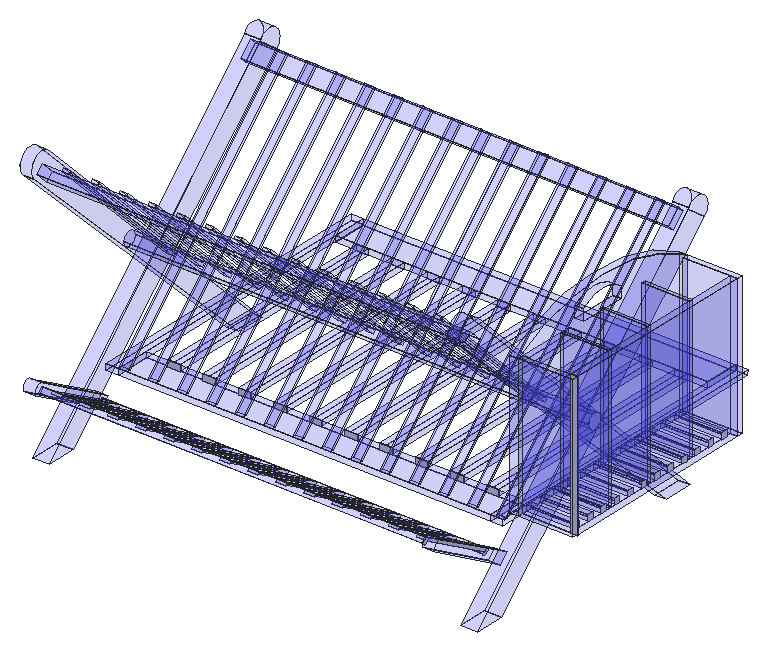
Revit family "component", category Generic Models, Revit 2017
Family settings
  Can host rebar = No
  Round Connector Dimension = Use Diameter
  Part Type = Normal
  Work Plane-Based = No
  Always vertical = Yes
  Cut with Voids When Loaded = No
  Shared = No
  Room Calculation Point = No
Reference planes (in)
  plane 1 "Center (Front/Back)": y = 0
  plane 2: z = 0
  plane 3 "Center (Left/Right)": x = 0
Forms (in)
  Extrusion 1, solid
    sketch origin (0, 0.125, 0) x (0, 1, 0) y (0, 0, 1)
      loop
        line (6.06062, 0) -> (-5.22987, 11.29049)
        arc (-5.22987, 11.29049) -> (-6.01031, 11.29049) -> (-6.01031, 10.51005) r 0.55186
        line (-6.01031, 10.51005) -> (4.77758, 0) -> (6.06062, 0)
    from 0 to 0.5
  Extrusion 2, solid
    sketch origin (0, 0.06062, 0) x (0, -1, 0) y (0, 0, -1)
      loop
        line (6.06062, 0) -> (4.77758, 0) -> (-6, -10.5)
        arc (-6, -10.5) -> (-5.96055, -11.33577) -> (-5.13557, -11.19619) r 0.55901
        line (-5.13557, -11.19619) -> (6.06062, 0)
    from 0.5 to 1.19742
  Extrusion 3, solid
    sketch origin (0, 0.0625, 0.15625) x (0, 1, 0) y (0, 0, 1)
      loop
        circle (0, 5.25327) r 0.3
    from -0.25 to 19.45037
  Extrusion 4, solid
    sketch origin (0, 0, 0) x (0, 1, 0) y (0, 0, 1)
      loop
        line (-3, 2.25) -> (10, 2.25) -> (10, 2.5) -> (-3, 2.5) -> (-3, 2.25)
    from 1.19742 to 1.71638
  Extrusion 5, solid
    sketch origin (0, 0, 0) x (0, 1, 0) y (0, 0, 1)
      loop
        line (-3, 2.25) -> (10, 2.25) -> (10, 2.5) -> (-3, 2.5) -> (-3, 2.25)
    from 17.49386 to 18
  Extrusion 6, solid
    sketch origin (0, 0, 0) x (0, 1, 0) y (0, 0, 1)
      loop
        line (9.99278, 2.25) -> (9.99278, 2.5) -> (8.49278, 2.5) -> (8.49278, 2.25) -> (9.99278, 2.25)
      loop
        line (-1.5, 2.25) -> (-1.5, 2.5) -> (-3, 2.5) -> (-3, 2.25) -> (-1.5, 2.25)
    from 1.71638 to 17.49386
  Extrusion 7, solid
    sketch origin (0, 0, 0) x (0, 1, 0) y (0, 0, 1)
      loop
        line (8.49278, 2.25) -> (8.49278, 2.5) -> (-1.5, 2.5) -> (-1.5, 2.25) -> (8.49278, 2.25)
    from 2.61142 to 3.14223
  Extrusion 8, solid
    sketch origin (13.5, 0, 0) x (0, 1, 0) y (0, 0, 1)
      loop
        line (8.49278, 2.25) -> (8.49278, 2.5) -> (-1.5, 2.5) -> (-1.5, 2.25) -> (8.49278, 2.25)
    from 2.61142 to 3.14223
  Extrusion 9, solid
    sketch origin (1.5, 0, 0) x (0, 1, 0) y (0, 0, 1)
      loop
        line (8.49278, 2.25) -> (8.49278, 2.5) -> (-1.5, 2.5) -> (-1.5, 2.25) -> (8.49278, 2.25)
    from 2.61142 to 3.14223
  Extrusion 10, solid
    sketch origin (3, 0, 0) x (0, 1, 0) y (0, 0, 1)
      loop
        line (8.49278, 2.25) -> (8.49278, 2.5) -> (-1.5, 2.5) -> (-1.5, 2.25) -> (8.49278, 2.25)
    from 2.61142 to 3.14223
  Extrusion 11, solid
    sketch origin (4.5, 0, 0) x (0, 1, 0) y (0, 0, 1)
      loop
        line (8.49278, 2.25) -> (8.49278, 2.5) -> (-1.5, 2.5) -> (-1.5, 2.25) -> (8.49278, 2.25)
    from 2.61142 to 3.14223
  Extrusion 12, solid
    sketch origin (6, 0, 0) x (0, 1, 0) y (0, 0, 1)
      loop
        line (8.49278, 2.25) -> (8.49278, 2.5) -> (-1.5, 2.5) -> (-1.5, 2.25) -> (8.49278, 2.25)
    from 2.61142 to 3.14223
  Extrusion 13, solid
    sketch origin (7.5, 0, 0) x (0, 1, 0) y (0, 0, 1)
      loop
        line (8.49278, 2.25) -> (8.49278, 2.5) -> (-1.5, 2.5) -> (-1.5, 2.25) -> (8.49278, 2.25)
    from 2.61142 to 3.14223
  Extrusion 14, solid
    sketch origin (9, 0, 0) x (0, 1, 0) y (0, 0, 1)
      loop
        line (8.49278, 2.25) -> (8.49278, 2.5) -> (-1.5, 2.5) -> (-1.5, 2.25) -> (8.49278, 2.25)
    from 2.61142 to 3.14223
  Extrusion 15, solid
    sketch origin (10.5, 0, 0) x (0, 1, 0) y (0, 0, 1)
      loop
        line (8.49278, 2.25) -> (8.49278, 2.5) -> (-1.5, 2.5) -> (-1.5, 2.25) -> (8.49278, 2.25)
    from 2.61142 to 3.14223
  Extrusion 16, solid
    sketch origin (12, 0, 0) x (0, 1, 0) y (0, 0, 1)
      loop
        line (8.49278, 2.25) -> (8.49278, 2.5) -> (-1.5, 2.5) -> (-1.5, 2.25) -> (8.49278, 2.25)
    from 2.61142 to 3.14223
  Extrusion 17, solid
    sketch origin (0, 0, 0) x (0, 1, 0) y (0, 0, 1)
      loop
        line (5.78031, 10.59586) -> (5.51957, 10.8566) -> (4.98924, 10.32627) -> (5.24998, 10.06553) -> (5.78031, 10.59586)
      loop
        line (-5.78031, 10.65836) -> (-5.24998, 10.12803) -> (-4.96714, 10.41087) -> (-5.49747, 10.9412) -> (-5.78031, 10.65836)
    from 0.5 to 18.625
  Extrusion 18, solid
    sketch origin (0, 0, 0) x (0, 1, 0) y (0, 0, 1)
      loop
        line (5.51957, 10.8566) -> (5.43808, 10.93808) -> (-3, 2.5) -> (-2.83704, 2.5) -> (5.51957, 10.8566)
    from 1.71638 to 2.10219
  Extrusion 19, solid
    sketch origin (16, 0, 0) x (0, 1, 0) y (0, 0, 1)
      loop
        line (5.51957, 10.8566) -> (5.43808, 10.93808) -> (-3, 2.5) -> (-2.83704, 2.5) -> (5.51957, 10.8566)
    from 1.71638 to 2.10219
  Extrusion 20, solid
    sketch origin (1.23077, 0, 0) x (0, 1, 0) y (0, 0, 1)
      loop
        line (5.51957, 10.8566) -> (5.43808, 10.93808) -> (-3, 2.5) -> (-2.83704, 2.5) -> (5.51957, 10.8566)
    from 1.71638 to 2.10219
  Extrusion 21, solid
    sketch origin (2.46154, 0, 0) x (0, 1, 0) y (0, 0, 1)
      loop
        line (5.51957, 10.8566) -> (5.43808, 10.93808) -> (-3, 2.5) -> (-2.83704, 2.5) -> (5.51957, 10.8566)
    from 1.71638 to 2.10219
  Extrusion 22, solid
    sketch origin (3.69231, 0, 0) x (0, 1, 0) y (0, 0, 1)
      loop
        line (5.51957, 10.8566) -> (5.43808, 10.93808) -> (-3, 2.5) -> (-2.83704, 2.5) -> (5.51957, 10.8566)
    from 1.71638 to 2.10219
  Extrusion 23, solid
    sketch origin (4.92308, 0, 0) x (0, 1, 0) y (0, 0, 1)
      loop
        line (5.51957, 10.8566) -> (5.43808, 10.93808) -> (-3, 2.5) -> (-2.83704, 2.5) -> (5.51957, 10.8566)
    from 1.71638 to 2.10219
  Extrusion 24, solid
    sketch origin (6.15385, 0, 0) x (0, 1, 0) y (0, 0, 1)
      loop
        line (5.51957, 10.8566) -> (5.43808, 10.93808) -> (-3, 2.5) -> (-2.83704, 2.5) -> (5.51957, 10.8566)
    from 1.71638 to 2.10219
  Extrusion 25, solid
    sketch origin (7.38462, 0, 0) x (0, 1, 0) y (0, 0, 1)
      loop
        line (5.51957, 10.8566) -> (5.43808, 10.93808) -> (-3, 2.5) -> (-2.83704, 2.5) -> (5.51957, 10.8566)
    from 1.71638 to 2.10219
  Extrusion 26, solid
    sketch origin (8.61538, 0, 0) x (0, 1, 0) y (0, 0, 1)
      loop
        line (5.51957, 10.8566) -> (5.43808, 10.93808) -> (-3, 2.5) -> (-2.83704, 2.5) -> (5.51957, 10.8566)
    from 1.71638 to 2.10219
  Extrusion 27, solid
    sketch origin (9.84615, 0, 0) x (0, 1, 0) y (0, 0, 1)
      loop
        line (5.51957, 10.8566) -> (5.43808, 10.93808) -> (-3, 2.5) -> (-2.83704, 2.5) -> (5.51957, 10.8566)
    from 1.71638 to 2.10219
  Extrusion 28, solid
    sketch origin (11.07692, 0, 0) x (0, 1, 0) y (0, 0, 1)
      loop
        line (5.51957, 10.8566) -> (5.43808, 10.93808) -> (-3, 2.5) -> (-2.83704, 2.5) -> (5.51957, 10.8566)
    from 1.71638 to 2.10219
  Extrusion 29, solid
    sketch origin (12.30769, 0, 0) x (0, 1, 0) y (0, 0, 1)
      loop
        line (5.51957, 10.8566) -> (5.43808, 10.93808) -> (-3, 2.5) -> (-2.83704, 2.5) -> (5.51957, 10.8566)
    from 1.71638 to 2.10219
  Extrusion 30, solid
    sketch origin (13.53846, 0, 0) x (0, 1, 0) y (0, 0, 1)
      loop
        line (5.51957, 10.8566) -> (5.43808, 10.93808) -> (-3, 2.5) -> (-2.83704, 2.5) -> (5.51957, 10.8566)
    from 1.71638 to 2.10219
  Extrusion 31, solid
    sketch origin (14.76923, 0, 0) x (0, 1, 0) y (0, 0, 1)
      loop
        line (5.51957, 10.8566) -> (5.43808, 10.93808) -> (-3, 2.5) -> (-2.83704, 2.5) -> (5.51957, 10.8566)
    from 1.71638 to 2.10219
  Extrusion 32, solid
    sketch origin (18.125, 0.125, 0) x (0, 1, 0) y (0, 0, 1)
      loop
        line (6.06062, 0) -> (-5.22987, 11.29049)
        arc (-5.22987, 11.29049) -> (-6.01031, 11.29049) -> (-6.01031, 10.51005) r 0.55186
        line (-6.01031, 10.51005) -> (4.77758, 0) -> (6.06062, 0)
    from 0 to 0.5
  Extrusion 33, solid
    sketch origin (18.125, 0.06062, 0) x (0, -1, 0) y (0, 0, -1)
      loop
        line (6.06062, 0) -> (4.77758, 0) -> (-6, -10.5)
        arc (-6, -10.5) -> (-5.96055, -11.33577) -> (-5.13557, -11.19619) r 0.55901
        line (-5.13557, -11.19619) -> (6.06062, 0)
    from 0.5 to 1.19742
  Extrusion 34, solid
    sketch origin (0.125, 0, 0) x (0, 1, 0) y (0, 0, 1)
      loop
        line (-5.49747, 10.9412) -> (0.03235, 5.41138) -> (0.13223, 5.51127) -> (-5.39758, 11.04109) -> (-5.49747, 10.9412)
    from 1.19742 to 1.51576
  Extrusion 35, solid
    sketch origin (15.875, 0, 0) x (0, 1, 0) y (0, 0, 1)
      loop
        line (-5.49747, 10.9412) -> (0.03235, 5.41138) -> (0.13223, 5.51127) -> (-5.39758, 11.04109) -> (-5.49747, 10.9412)
    from 1.19742 to 1.51576
  Extrusion 36, solid
    sketch origin (1.33654, 0, 0) x (0, 1, 0) y (0, 0, 1)
      loop
        line (-5.49747, 10.9412) -> (0.03235, 5.41138) -> (0.13223, 5.51127) -> (-5.39758, 11.04109) -> (-5.49747, 10.9412)
    from 1.19742 to 1.51576
  Extrusion 37, solid
    sketch origin (2.54808, 0, 0) x (0, 1, 0) y (0, 0, 1)
      loop
        line (-5.49747, 10.9412) -> (0.03235, 5.41138) -> (0.13223, 5.51127) -> (-5.39758, 11.04109) -> (-5.49747, 10.9412)
    from 1.19742 to 1.51576
  Extrusion 38, solid
    sketch origin (3.75962, 0, 0) x (0, 1, 0) y (0, 0, 1)
      loop
        line (-5.49747, 10.9412) -> (0.03235, 5.41138) -> (0.13223, 5.51127) -> (-5.39758, 11.04109) -> (-5.49747, 10.9412)
    from 1.19742 to 1.51576
  Extrusion 39, solid
    sketch origin (4.97115, 0, 0) x (0, 1, 0) y (0, 0, 1)
      loop
        line (-5.49747, 10.9412) -> (0.03235, 5.41138) -> (0.13223, 5.51127) -> (-5.39758, 11.04109) -> (-5.49747, 10.9412)
    from 1.19742 to 1.51576
  Extrusion 40, solid
    sketch origin (6.18269, 0, 0) x (0, 1, 0) y (0, 0, 1)
      loop
        line (-5.49747, 10.9412) -> (0.03235, 5.41138) -> (0.13223, 5.51127) -> (-5.39758, 11.04109) -> (-5.49747, 10.9412)
    from 1.19742 to 1.51576
  Extrusion 41, solid
    sketch origin (7.39423, 0, 0) x (0, 1, 0) y (0, 0, 1)
      loop
        line (-5.49747, 10.9412) -> (0.03235, 5.41138) -> (0.13223, 5.51127) -> (-5.39758, 11.04109) -> (-5.49747, 10.9412)
    from 1.19742 to 1.51576
  Extrusion 42, solid
    sketch origin (8.60577, 0, 0) x (0, 1, 0) y (0, 0, 1)
      loop
        line (-5.49747, 10.9412) -> (0.03235, 5.41138) -> (0.13223, 5.51127) -> (-5.39758, 11.04109) -> (-5.49747, 10.9412)
    from 1.19742 to 1.51576
  Extrusion 43, solid
    sketch origin (9.81731, 0, 0) x (0, 1, 0) y (0, 0, 1)
      loop
        line (-5.49747, 10.9412) -> (0.03235, 5.41138) -> (0.13223, 5.51127) -> (-5.39758, 11.04109) -> (-5.49747, 10.9412)
    from 1.19742 to 1.51576
  Extrusion 44, solid
    sketch origin (11.02885, 0, 0) x (0, 1, 0) y (0, 0, 1)
      loop
        line (-5.49747, 10.9412) -> (0.03235, 5.41138) -> (0.13223, 5.51127) -> (-5.39758, 11.04109) -> (-5.49747, 10.9412)
    from 1.19742 to 1.51576
  Extrusion 45, solid
    sketch origin (12.24038, 0, 0) x (0, 1, 0) y (0, 0, 1)
      loop
        line (-5.49747, 10.9412) -> (0.03235, 5.41138) -> (0.13223, 5.51127) -> (-5.39758, 11.04109) -> (-5.49747, 10.9412)
    from 1.19742 to 1.51576
  Extrusion 46, solid
    sketch origin (13.45192, 0, 0) x (0, 1, 0) y (0, 0, 1)
      loop
        line (-5.49747, 10.9412) -> (0.03235, 5.41138) -> (0.13223, 5.51127) -> (-5.39758, 11.04109) -> (-5.49747, 10.9412)
    from 1.19742 to 1.51576
  Extrusion 47, solid
    sketch origin (14.66346, 0, 0) x (0, 1, 0) y (0, 0, 1)
      loop
        line (-5.49747, 10.9412) -> (0.03235, 5.41138) -> (0.13223, 5.51127) -> (-5.39758, 11.04109) -> (-5.49747, 10.9412)
    from 1.19742 to 1.51576
  Extrusion 48, solid
    sketch origin (0, 0, 0) x (0, 1, 0) y (0, 0, 1)
      loop
        line (-3.53033, 1.71967) -> (-6.99443, 3.71967)
        arc (-6.99443, 3.71967) -> (-7.30685, 3.67854) -> (-7.34799, 3.36612) r 0.25882
        line (-7.34799, 3.36612) -> (-3.88388, 1.36612) -> (-3.53033, 1.71967)
    from 1.19742 to 1.71638
  Extrusion 49, solid
    sketch origin (0, 0, 0) x (0, 1, 0) y (0, 0, 1)
      loop
        line (-3.53033, 1.71967) -> (-6.99443, 3.71967)
        arc (-6.99443, 3.71967) -> (-7.30685, 3.67854) -> (-7.34799, 3.36612) r 0.25882
        line (-7.34799, 3.36612) -> (-3.88388, 1.36612) -> (-3.53033, 1.71967)
    from 18.10219 to 18.625
  Extrusion 50, solid
    sketch origin (0, 0, 0) x (0, 1, 0) y (0, 0, 1)
      loop
        line (-3.76577, 1.74236) -> (-3.87402, 1.80486) -> (-4.0508, 1.62809) -> (-3.94255, 1.56559) -> (-3.76577, 1.74236)
      loop
        line (-6.93967, 3.5482) -> (-7.04793, 3.6107) -> (-7.2247, 3.43392) -> (-7.11645, 3.37142) -> (-6.93967, 3.5482)
    from 1.71638 to 18
  Extrusion 51, solid
    sketch origin (0, 0, 0) x (0, 1, 0) y (0, 0, 1)
      loop
        line (-3.87402, 1.80486) -> (-6.93967, 3.5482) -> (-7.02806, 3.45981) -> (-3.96241, 1.71647) -> (-3.87402, 1.80486)
    from 2.10219 to 2.53396
  Extrusion 52, solid
    sketch origin (15.46604, 0, 0) x (0, 1, 0) y (0, 0, 1)
      loop
        line (-3.87402, 1.80486) -> (-6.93967, 3.5482) -> (-7.02806, 3.45981) -> (-3.96241, 1.71647) -> (-3.87402, 1.80486)
    from 2.10219 to 2.53396
  Extrusion 53, solid
    sketch origin (1.1897, 0, 0) x (0, 1, 0) y (0, 0, 1)
      loop
        line (-3.87402, 1.80486) -> (-6.93967, 3.5482) -> (-7.02806, 3.45981) -> (-3.96241, 1.71647) -> (-3.87402, 1.80486)
    from 2.10219 to 2.53396
  Extrusion 54, solid
    sketch origin (2.37939, 0, 0) x (0, 1, 0) y (0, 0, 1)
      loop
        line (-3.87402, 1.80486) -> (-6.93967, 3.5482) -> (-7.02806, 3.45981) -> (-3.96241, 1.71647) -> (-3.87402, 1.80486)
    from 2.10219 to 2.53396
  Extrusion 55, solid
    sketch origin (3.56909, 0, 0) x (0, 1, 0) y (0, 0, 1)
      loop
        line (-3.87402, 1.80486) -> (-6.93967, 3.5482) -> (-7.02806, 3.45981) -> (-3.96241, 1.71647) -> (-3.87402, 1.80486)
    from 2.10219 to 2.53396
  Extrusion 56, solid
    sketch origin (4.75878, 0, 0) x (0, 1, 0) y (0, 0, 1)
      loop
        line (-3.87402, 1.80486) -> (-6.93967, 3.5482) -> (-7.02806, 3.45981) -> (-3.96241, 1.71647) -> (-3.87402, 1.80486)
    from 2.10219 to 2.53396
  Extrusion 57, solid
    sketch origin (5.94848, 0, 0) x (0, 1, 0) y (0, 0, 1)
      loop
        line (-3.87402, 1.80486) -> (-6.93967, 3.5482) -> (-7.02806, 3.45981) -> (-3.96241, 1.71647) -> (-3.87402, 1.80486)
    from 2.10219 to 2.53396
  Extrusion 58, solid
    sketch origin (7.13817, 0, 0) x (0, 1, 0) y (0, 0, 1)
      loop
        line (-3.87402, 1.80486) -> (-6.93967, 3.5482) -> (-7.02806, 3.45981) -> (-3.96241, 1.71647) -> (-3.87402, 1.80486)
    from 2.10219 to 2.53396
  Extrusion 59, solid
    sketch origin (8.32787, 0, 0) x (0, 1, 0) y (0, 0, 1)
      loop
        line (-3.87402, 1.80486) -> (-6.93967, 3.5482) -> (-7.02806, 3.45981) -> (-3.96241, 1.71647) -> (-3.87402, 1.80486)
    from 2.10219 to 2.53396
  Extrusion 60, solid
    sketch origin (9.51756, 0, 0) x (0, 1, 0) y (0, 0, 1)
      loop
        line (-3.87402, 1.80486) -> (-6.93967, 3.5482) -> (-7.02806, 3.45981) -> (-3.96241, 1.71647) -> (-3.87402, 1.80486)
    from 2.10219 to 2.53396
  Extrusion 61, solid
    sketch origin (10.70726, 0, 0) x (0, 1, 0) y (0, 0, 1)
      loop
        line (-3.87402, 1.80486) -> (-6.93967, 3.5482) -> (-7.02806, 3.45981) -> (-3.96241, 1.71647) -> (-3.87402, 1.80486)
    from 2.10219 to 2.53396
  Extrusion 62, solid
    sketch origin (11.89695, 0, 0) x (0, 1, 0) y (0, 0, 1)
      loop
        line (-3.87402, 1.80486) -> (-6.93967, 3.5482) -> (-7.02806, 3.45981) -> (-3.96241, 1.71647) -> (-3.87402, 1.80486)
    from 2.10219 to 2.53396
  Extrusion 63, solid
    sketch origin (13.08665, 0, 0) x (0, 1, 0) y (0, 0, 1)
      loop
        line (-3.87402, 1.80486) -> (-6.93967, 3.5482) -> (-7.02806, 3.45981) -> (-3.96241, 1.71647) -> (-3.87402, 1.80486)
    from 2.10219 to 2.53396
  Extrusion 64, solid
    sketch origin (14.27634, 0, 0) x (0, 1, 0) y (0, 0, 1)
      loop
        line (-3.87402, 1.80486) -> (-6.93967, 3.5482) -> (-7.02806, 3.45981) -> (-3.96241, 1.71647) -> (-3.87402, 1.80486)
    from 2.10219 to 2.53396
  Extrusion 65, solid
    sketch origin (0, 0, 0) x (0, 1, 0) y (0, 0, 1)
      loop
        line (-4.43681, 9.88054) -> (-4.43681, 3.88054) -> (4.5435, 3.88054) -> (4.5435, 9.88054)
        arc (4.5435, 9.88054) -> (0.05335, 11.09508) -> (-4.43681, 9.88054) r 8.9073
      loop
        line (-0.98161, 9.75045) -> (1.01839, 9.75045) -> (1.01839, 10.25045)
        arc (1.01839, 10.25045) -> (0.01839, 10.56119) -> (-0.98161, 10.25045) r 1.76447
        line (-0.98161, 10.25045) -> (-0.98161, 9.75045)
    from 19.45037 to 19.81056
  Extrusion 66, solid
    sketch origin (0, 0, 0) x (0, 1, 0) y (0, 0, 1)
      loop
        line (-4.43681, 9.88054) -> (-4.43681, 3.88054) -> (-4.18681, 3.88054) -> (-4.18681, 9.88054) -> (-4.43681, 9.88054)
      loop
        line (4.5435, 9.88054) -> (4.2935, 9.88054) -> (4.2935, 3.88054) -> (4.5435, 3.88054) -> (4.5435, 9.88054)
    from 19.81056 to 22.12633
  Extrusion 67, solid
    sketch origin (0, 0, 0) x (0, 1, 0) y (0, 0, 1)
      loop
        line (-4.18681, 3.88054) -> (4.2935, 3.88054) -> (4.2935, 9.88054) -> (-4.18681, 9.88054) -> (-4.18681, 3.88054)
    from 21.81105 to 22.12633
  Extrusion 68, solid
    sketch origin (0, 0, 0) x (0, 1, 0) y (0, 0, 1)
      loop
        line (-2.00915, 3.88054) -> (-2.00915, 9.88054) -> (-2.16815, 9.88054) -> (-2.16815, 3.88054) -> (-2.00915, 3.88054)
      loop
        line (2.11585, 3.88054) -> (2.2859, 3.88054) -> (2.2859, 9.88054) -> (2.11585, 9.88054) -> (2.11585, 3.88054)
      loop
        line (-0.07313, 3.88054) -> (0.07687, 3.88054) -> (0.07687, 9.88054) -> (-0.07313, 9.88054) -> (-0.07313, 3.88054)
    from 19.81056 to 21.81105
  Extrusion 69, solid
    sketch origin (0, 0, 0) x (0, 1, 0) y (0, 0, 1)
      loop
        line (-3.97499, 3.88054) -> (-3.72499, 3.88054) -> (-3.72499, 4.13054) -> (-3.97499, 4.13054) -> (-3.97499, 3.88054)
    from 19.81056 to 21.81105
  Extrusion 70, solid
    sketch origin (0, 7.8125, 0) x (0, 1, 0) y (0, 0, 1)
      loop
        line (-3.97499, 3.88054) -> (-3.72499, 3.88054) -> (-3.72499, 4.13054) -> (-3.97499, 4.13054) -> (-3.97499, 3.88054)
    from 19.81056 to 21.81105
  Extrusion 71, solid
    sketch origin (0, 0.71023, 0) x (0, 1, 0) y (0, 0, 1)
      loop
        line (-3.97499, 3.88054) -> (-3.72499, 3.88054) -> (-3.72499, 4.13054) -> (-3.97499, 4.13054) -> (-3.97499, 3.88054)
    from 19.81056 to 21.81105
  Extrusion 72, solid
    sketch origin (0, 1.42045, 0) x (0, 1, 0) y (0, 0, 1)
      loop
        line (-3.97499, 3.88054) -> (-3.72499, 3.88054) -> (-3.72499, 4.13054) -> (-3.97499, 4.13054) -> (-3.97499, 3.88054)
    from 19.81056 to 21.81105
  Extrusion 73, solid
    sketch origin (0, 2.13068, 0) x (0, 1, 0) y (0, 0, 1)
      loop
        line (-3.97499, 3.88054) -> (-3.72499, 3.88054) -> (-3.72499, 4.13054) -> (-3.97499, 4.13054) -> (-3.97499, 3.88054)
    from 19.81056 to 21.81105
  Extrusion 74, solid
    sketch origin (0, 2.84091, 0) x (0, 1, 0) y (0, 0, 1)
      loop
        line (-3.97499, 3.88054) -> (-3.72499, 3.88054) -> (-3.72499, 4.13054) -> (-3.97499, 4.13054) -> (-3.97499, 3.88054)
    from 19.81056 to 21.81105
  Extrusion 75, solid
    sketch origin (0, 3.55114, 0) x (0, 1, 0) y (0, 0, 1)
      loop
        line (-3.97499, 3.88054) -> (-3.72499, 3.88054) -> (-3.72499, 4.13054) -> (-3.97499, 4.13054) -> (-3.97499, 3.88054)
    from 19.81056 to 21.81105
  Extrusion 76, solid
    sketch origin (0, 4.26136, 0) x (0, 1, 0) y (0, 0, 1)
      loop
        line (-3.97499, 3.88054) -> (-3.72499, 3.88054) -> (-3.72499, 4.13054) -> (-3.97499, 4.13054) -> (-3.97499, 3.88054)
    from 19.81056 to 21.81105
  Extrusion 77, solid
    sketch origin (0, 4.97159, 0) x (0, 1, 0) y (0, 0, 1)
      loop
        line (-3.97499, 3.88054) -> (-3.72499, 3.88054) -> (-3.72499, 4.13054) -> (-3.97499, 4.13054) -> (-3.97499, 3.88054)
    from 19.81056 to 21.81105
  Extrusion 78, solid
    sketch origin (0, 5.68182, 0) x (0, 1, 0) y (0, 0, 1)
      loop
        line (-3.97499, 3.88054) -> (-3.72499, 3.88054) -> (-3.72499, 4.13054) -> (-3.97499, 4.13054) -> (-3.97499, 3.88054)
    from 19.81056 to 21.81105
  Extrusion 79, solid
    sketch origin (0, 6.39205, 0) x (0, 1, 0) y (0, 0, 1)
      loop
        line (-3.97499, 3.88054) -> (-3.72499, 3.88054) -> (-3.72499, 4.13054) -> (-3.97499, 4.13054) -> (-3.97499, 3.88054)
    from 19.81056 to 21.81105
  Extrusion 80, solid
    sketch origin (0, 7.10227, 0) x (0, 1, 0) y (0, 0, 1)
      loop
        line (-3.97499, 3.88054) -> (-3.72499, 3.88054) -> (-3.72499, 4.13054) -> (-3.97499, 4.13054) -> (-3.97499, 3.88054)
    from 19.81056 to 21.81105
Dimensions and locks (in)
  aligned and locked: plane 2 to level
  aligned and locked: Extrusion 4 to Extrusion 50
